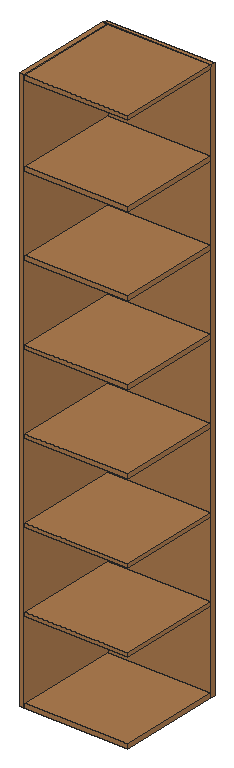
Revit family "Угловые полки", category Мебель, Revit 2019
Family settings
  Номер OmniClass = 23.40.20.00
  Заголовок OmniClass = General Furniture and Specialties
  На основе рабочей плоскости = Нет
  Всегда вертикально = Да
  При загрузке вырезать с полостями = Нет
  Общий = Нет
  Точка расчета площади = Нет
Parameters
  Ширина [instance] = 400 mm
  Материал угловые полки [instance] = Материал угловые полки
  Изготовитель = "Литвинчук Артур"
  Глубина [instance] = 400 mm
  Высота [instance] = 2100 mm
  URL = "lytvynchukartur@gmail.com"
Reference planes
  plane 1 "По центру (Вперед/Назад)": y = 0
  plane 2: z = 0
  plane 3 "По центру (Влево/Вправо)": x = 0
  plane 4: y = -400
  plane 5: x = 400
  plane 6: x = 15
  plane 7 "По центру Л/Р": y = -15
  plane 8: z = 2100
  plane 9: z = 2085
  plane 10: z = 15
  plane 11: z = 1493.571
  plane 12: z = 606.429
  plane 13: z = 1789.286
  plane 14: z = 1197.857
  plane 15: z = 902.143
  plane 16: z = 310.714
  plane 17: z = 1796.786
  plane 18: z = 1781.786
  plane 19: z = 1501.071
  plane 20: z = 1486.071
  plane 21: z = 1205.357
  plane 22: z = 1190.357
  plane 23: z = 909.643
  plane 24: z = 894.643
  plane 25: z = 613.929
  plane 26: z = 598.929
  plane 27: z = 318.214
  plane 28: z = 303.214
Forms (mm)
  Extrusion 1, solid, material "Материал угловые полки" <- "Материал угловые полки"
    sketch origin (0, 0, 0) x (1, 0, 0) y (0, 1, 0)
      loop
        line (0, 0) -> (0, -15) -> (400, -15) -> (400, 0) -> (0, 0)
    from 0 to 2100
  Extrusion 2, solid, material "Материал угловые полки" <- "Материал угловые полки"
    sketch origin (0, 0, 0) x (1, 0, 0) y (0, 1, 0)
      loop
        line (0, -15) -> (0, -400) -> (15, -400) -> (15, -15) -> (0, -15)
    from 0 to 2100
  Extrusion 3, solid, material "Материал угловые полки" <- "Материал угловые полки"
    sketch origin (0, 0, 0) x (1, 0, 0) y (0, 0, 1)
      loop
        line (15, 2100) -> (15, 2085) -> (400, 2085) -> (400, 2100) -> (15, 2100)
    from 15 to 400
  Extrusion 4, solid, material "Материал угловые полки" <- "Материал угловые полки"
    sketch origin (0, 0, -2085) x (1, 0, 0) y (0, 0, 1)
      loop
        line (15, 2100) -> (15, 2085) -> (400, 2085) -> (400, 2100) -> (15, 2100)
    from 15 to 400
  Extrusion 5, solid, material "Материал угловые полки" <- "Материал угловые полки"
    sketch origin (0, 0, -200) x (1, 0, 0) y (0, 0, 1)
      loop
        line (15, 1996.786) -> (15, 1981.786) -> (400, 1981.786) -> (400, 1996.786) -> (15, 1996.786)
    from 15 to 400
  Extrusion 6, solid, material "Материал угловые полки" <- "Материал угловые полки"
    sketch origin (0, 0, -480) x (1, 0, 0) y (0, 0, 1)
      loop
        line (15, 1981.071) -> (15, 1966.071) -> (400, 1966.071) -> (400, 1981.071) -> (15, 1981.071)
    from 15 to 400
  Extrusion 7, solid, material "Материал угловые полки" <- "Материал угловые полки"
    sketch origin (0, 0, -720) x (1, 0, 0) y (0, 0, 1)
      loop
        line (15, 1925.357) -> (15, 1910.357) -> (400, 1910.357) -> (400, 1925.357) -> (15, 1925.357)
    from 15 to 400
  Extrusion 8, solid, material "Материал угловые полки" <- "Материал угловые полки"
    sketch origin (0, 0, -1020) x (1, 0, 0) y (0, 0, 1)
      loop
        line (15, 1929.643) -> (15, 1914.643) -> (400, 1914.643) -> (400, 1929.643) -> (15, 1929.643)
    from 15 to 400
  Extrusion 9, solid, material "Материал угловые полки" <- "Материал угловые полки"
    sketch origin (0, 0, -1300) x (1, 0, 0) y (0, 0, 1)
      loop
        line (15, 1913.929) -> (15, 1898.929) -> (400, 1898.929) -> (400, 1913.929) -> (15, 1913.929)
    from 15 to 400
  Extrusion 10, solid, material "Материал угловые полки" <- "Материал угловые полки"
    sketch origin (0, 0, -1600) x (1, 0, 0) y (0, 0, 1)
      loop
        line (15, 1918.214) -> (15, 1903.214) -> (400, 1903.214) -> (400, 1918.214) -> (15, 1918.214)
    from 15 to 400
Dimensions and locks
  "Глубина": plane 4 to plane 1 "По центру (Вперед/Назад)"
  "Ширина": plane 3 "По центру (Влево/Вправо)" to plane 5
  "Высота": plane 8 to level
  locked: plane 7 "По центру Л/Р" to plane 1 "По центру (Вперед/Назад)" at 15
  locked: plane 3 "По центру (Влево/Вправо)" to plane 6 at 15
  locked: plane 8 to plane 9 at 15
  locked: plane 10 to level at 15
  equal spacing: plane 9, plane 13, plane 11, plane 14, plane 15, plane 12, plane 16, plane 10
  plane 17 to plane 13 to plane 18 = 7.5 mm locked, 7.5 mm locked
  plane 19 to plane 11 to plane 20 = 7.5 mm locked, 7.5 mm locked
  plane 21 to plane 14 to plane 22 = 7.5 mm locked, 7.5 mm locked
  plane 23 to plane 15 to plane 24 = 7.5 mm locked, 7.5 mm locked
  plane 25 to plane 12 to plane 26 = 7.5 mm locked, 7.5 mm locked
  plane 27 to plane 16 to plane 28 = 7.5 mm locked, 7.5 mm locked
  aligned and locked: level to plane 2
  aligned and locked: plane 3 "По центру (Влево/Вправо)" to Extrusion 1 sketch curve
  aligned and locked: Extrusion 1 sketch curve to plane 7 "По центру Л/Р"
  aligned and locked: Extrusion 1 sketch curve to plane 5
  aligned and locked: plane 4 to Extrusion 2 sketch curve
  aligned and locked: Extrusion 2 sketch curve to plane 6
  aligned and locked: plane 3 "По центру (Влево/Вправо)" to Extrusion 2 sketch curve
  aligned and locked: plane 7 "По центру Л/Р" to Extrusion 2 sketch curve
  aligned and locked: plane 8 to Extrusion 1
  aligned and locked: Extrusion 1 to Extrusion 2
  aligned and locked: plane 6 to Extrusion 3 sketch curve
  aligned and locked: plane 9 to Extrusion 3 sketch curve
  aligned and locked: Extrusion 3 sketch curve to plane 8
  aligned and locked: Extrusion 3 sketch curve to plane 5
  aligned and locked: Extrusion 3 to plane 4
  aligned and locked: Extrusion 3 to plane 7 "По центру Л/Р"
  aligned and locked: Extrusion 4 to plane 6
  aligned and locked: Extrusion 4 to plane 4
  aligned and locked: plane 5 to Extrusion 4
  aligned and locked: Extrusion 4 to plane 7 "По центру Л/Р"
  aligned and locked: plane 10 to Extrusion 4
  aligned and locked: Extrusion 4 to level
  aligned and locked: Extrusion 5 to plane 18
  aligned and locked: plane 17 to Extrusion 5
  aligned and locked: Extrusion 6 to plane 20
  aligned and locked: plane 19 to Extrusion 6
  aligned and locked: Extrusion 7 to plane 22
  aligned and locked: plane 21 to Extrusion 7
  aligned and locked: Extrusion 8 to plane 24
  aligned and locked: plane 23 to Extrusion 8
  aligned and locked: Extrusion 9 to plane 26
  aligned and locked: plane 25 to Extrusion 9
  aligned and locked: Extrusion 10 to plane 28
  aligned and locked: plane 27 to Extrusion 10
  aligned and locked: Extrusion 5 to plane 6
  aligned and locked: Extrusion 5 to plane 4
  aligned and locked: plane 5 to Extrusion 5
  aligned and locked: Extrusion 5 to plane 7 "По центру Л/Р"
  aligned and locked: Extrusion 6 to plane 6
  aligned and locked: Extrusion 6 to plane 4
  aligned and locked: plane 5 to Extrusion 6
  aligned and locked: Extrusion 6 to plane 7 "По центру Л/Р"
  aligned and locked: Extrusion 7 to plane 7 "По центру Л/Р"
  aligned and locked: Extrusion 7 to plane 4
  aligned and locked: Extrusion 7 to plane 6
  aligned and locked: plane 5 to Extrusion 7
  aligned and locked: Extrusion 8 to plane 6
  aligned and locked: Extrusion 8 to plane 4
  aligned and locked: plane 5 to Extrusion 8
  aligned and locked: Extrusion 8 to plane 7 "По центру Л/Р"
  aligned and locked: Extrusion 9 to plane 6
  aligned and locked: Extrusion 9 to plane 4
  aligned and locked: plane 5 to Extrusion 9
  aligned and locked: Extrusion 9 to plane 7 "По центру Л/Р"
  aligned and locked: Extrusion 10 to plane 6
  aligned and locked: Extrusion 10 to plane 4
  aligned and locked: plane 5 to Extrusion 10
  aligned and locked: Extrusion 10 to plane 7 "По центру Л/Р"
Automatic sketch dimensions
  plane 1 "По центру (Вперед/Назад)" to Extrusion 1 sketch curve = 0 mm
  Extrusion 4 sketch curve to level = 0 mm
  Extrusion 4 sketch curve to plane 6 = 0 mm
  Extrusion 4 sketch curve to plane 5 = 0 mm
  Extrusion 4 sketch curve to plane 10 = 0 mm
  plane 6 to Extrusion 5 sketch curve = 0 mm
  Extrusion 5 sketch curve to plane 5 = 0 mm
  Extrusion 5 sketch curve to plane 18 = 0 mm
  Extrusion 5 sketch curve to plane 17 = 0 mm
  plane 6 to Extrusion 6 sketch curve = 0 mm
  Extrusion 6 sketch curve to plane 5 = 0 mm
  Extrusion 6 sketch curve to plane 20 = 0 mm
  Extrusion 6 sketch curve to plane 19 = 0 mm
  plane 6 to Extrusion 7 sketch curve = 0 mm
  Extrusion 7 sketch curve to plane 5 = 0 mm
  Extrusion 7 sketch curve to plane 21 = 15 mm
  Extrusion 7 sketch curve to Extrusion 7 sketch curve = 15 mm
  plane 6 to Extrusion 8 sketch curve = 0 mm
  Extrusion 8 sketch curve to plane 5 = 0 mm
  Extrusion 8 sketch curve to plane 23 = 15 mm
  Extrusion 8 sketch curve to Extrusion 8 sketch curve = 15 mm
  plane 6 to Extrusion 9 sketch curve = 0 mm
  Extrusion 9 sketch curve to plane 5 = 0 mm
  Extrusion 9 sketch curve to plane 25 = 15 mm
  Extrusion 9 sketch curve to Extrusion 9 sketch curve = 15 mm
  plane 6 to Extrusion 10 sketch curve = 0 mm
  Extrusion 10 sketch curve to plane 5 = 0 mm
  Extrusion 10 sketch curve to plane 27 = 15 mm
  Extrusion 10 sketch curve to Extrusion 10 sketch curve = 15 mm
